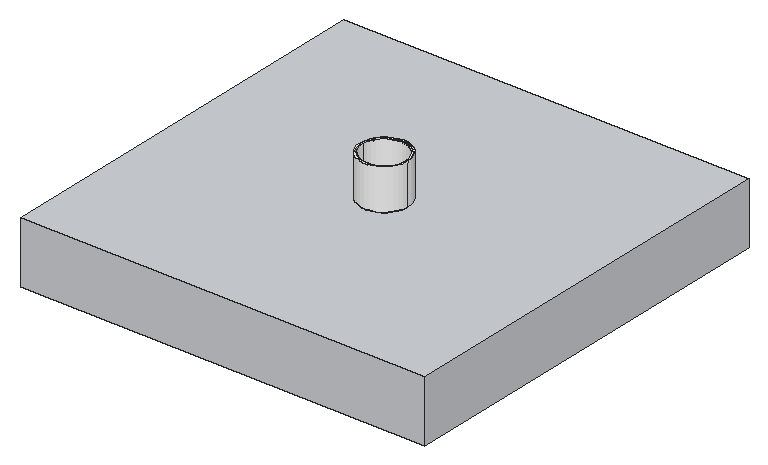
Revit family
Parameters (values of type "Zumtobel PANOS INF Housing D235")
  Width = 235 mm  # constant formula
  Wattage Comments = ""
  URL = "http://www.zumtobel.com/60800745"
  Type Comments = "© Zumtobel. We reserve the right to make technical changes without prior notice."  # constant formula
  Model = "60800745"
  Manufacturer = "Zumtobel Lighting"  # constant formula
  Length = 235 mm  # constant formula
  Lamp = ""
  Housing = Zumtobel_Metal_White
  Height = 206 mm  # constant formula
  Emit Shape Visible in Rendering = no
  Description = "Cylindrical surface-mount housing"  # constant formula
  Default Elevation = 0 mm
  Assembly Code = "D5020200"
  Apparent Load = 0 VA
Reference planes
  plane 1 "Center (Front/Back)": y = 0
  plane 2 "Top": z = 0
  plane 3 "Center (Left/Right)": x = 399.5
  plane 4: z = 6
  plane 5 "Bottom": z = 206
  plane 6: z = 203
Forms (mm)
  Extrusion 1, solid
    sketch origin (0, 0, 0) x (1, 0, 0) y (0, 1, 0)
      loop
        line (-600.5, 1000) -> (-600.5, -1000) -> (1399.5, -1000) -> (1399.5, 1000) -> (-600.5, 1000)
    from 0 to -304.8
  Extrusion 2, solid, material "Zumtobel_Metal_White" <- "Housing"
    sketch origin (0, 0, 0) x (1, 0, 0) y (0, 1, 0)
      loop
        circle (399.5, 0) r 117.5
      loop
        circle (399.5, 0) r 112.5
    from 6 to 206
  Extrusion 3, solid, material "Zumtobel_Metal_Grey"
    sketch origin (0, 0, 0) x (1, 0, 0) y (0, 1, 0)
      loop
        circle (399.5, 0) r 112.5
    from 0 to 6
  Extrusion 4, solid, material "Zumtobel_Metal_White" <- "Housing"
    sketch origin (0, 0, 0) x (1, 0, 0) y (0, 1, 0)
      loop
        circle (399.5, 0) r 112.5
      loop
        circle (399.5, 0) r 107.5
    from 6 to 203
Cuts and joins
  joined: Extrusion 2, Extrusion 4
Dimensions and locks
  plane 5 "Bottom" to plane 4 to plane 2 "Top" = 200 mm locked, 6 mm locked
  locked: plane 5 "Bottom" to plane 6 at 3
  aligned and locked: plane 2 "Top" to Extrusion 1
  aligned and locked: level to Extrusion 1
  aligned and locked: Extrusion 3 to plane 4
  aligned and locked: plane 4 to Extrusion 2
  aligned and locked: Extrusion 2 to plane 5 "Bottom"
  aligned and locked: Extrusion 4 to plane 6
